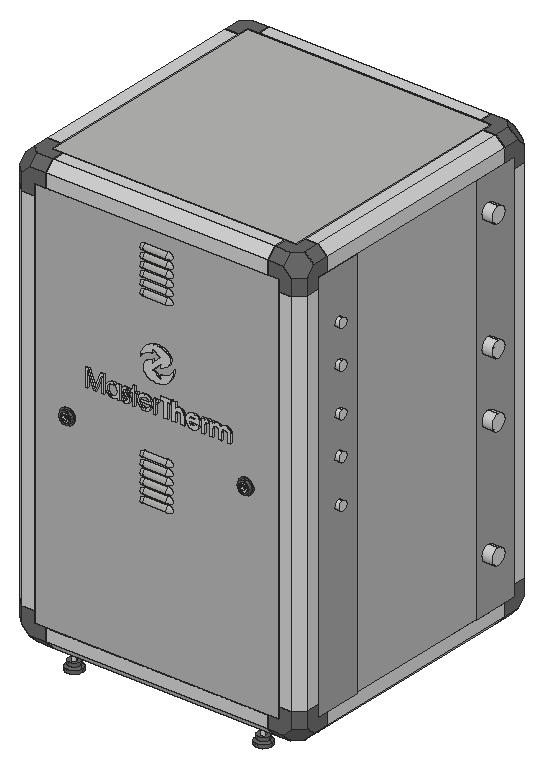
Revit family "AquaMaster-Inverter_ENG-RFA-2022_v2", category Mechanické zařízení, Revit 2022
Family settings
  Kóta kulaté spojky = Použít průměr
  Typ dílu = Normální
  Číslo OmniClass = 23.75.00.00
  Nadpis OmniClass = Climate Control (HVAC)
  Založené na pracovní rovině = Ne
  Vždy vertikální = Ano
  Ořezat dutým tvarem při načtení = Ne
  Zachovat orientaci poznámky = Ne
  Sdílené = Ne
  Bod výpočtu místnosti = Ne
Parameters (values of type "AQ17I")
  Výrobce = "Master Therm"  # constant formula
  Výchozí výška = 0.00 mm
  URL = "https://www.mastertherm.eu/aquamaster-inverter-heat-pump"
  Popis = "Ground-to-water heat pump"  # constant formula
  Model = if(MT_TYPE = 17, "AquaMaster Inverter 17I", if(MT_TYPE = 22, "AquaMaster Inverter 22I", if(MT_TYPE = 26, "AquaMaster Inverter 26I", if(MT_TYPE = 30, "AquaMaster Inverter 30I", if(MT_TYPE = 37, "AquaMaster Inverter 37I", if(MT_TYPE = 45, "AquaMaster Inverter 45I", if(MT_TYPE = 60, "AquaMaster Inverter 60I", "AquaMaster Inverter 90I")))))))  # "AquaMaster Inverter 17I"
  MT_voltage (V) = if(MT_TYPE < 37, 230 V, 400 V)  # 230 V
  MT_service space_YES [instance] = no
  MT_pipe mat = MT_angle-corner
  MT_pipe connector mat = MT_RGB-130-130-130
  MT_max. current, incl. aux. heater (A) = if(or(MT_TYPE = 17, MT_TYPE = 22), 16 A, if(MT_TYPE = 26, 20 A, if(MT_TYPE = 30, 25 A, if(MT_TYPE = 37, 22 A, if(MT_TYPE = 45, 28 A, if(MT_TYPE = 60, 35 A, 50 A))))))  # 16 A
  MT_hmotnost (kg) = if(MT_TYPE = 17, 60, if(MT_TYPE = 22, 160, if(MT_TYPE = 26, 160, if(MT_TYPE = 30, 160, if(MT_TYPE = 37, 165, if(MT_TYPE = 45, 170, if(MT_TYPE = 60, 190, 210)))))))  # 60
  MT_ground height = 30.00 mm  # constant formula
  MT_frequency (Hz) = 50 Hz  # constant formula
  MT_desuperheater – inlet [instance] = 0.0 L/s
  MT_desuperheater – outlet [instance] = 0.0 L/s
  MT_clearance top = MT_case height + 600.00 mm  # 1400.00 mm
  MT_clearance right = if(MT_case height = 800.00 mm, 600.00 mm, 400.00 mm)  # 600.00 mm
  MT_clearance left = if(MT_case height = 800.00 mm, 200.00 mm, 400.00 mm)  # 200.00 mm
  MT_clearance front = 600.00 mm  # constant formula
  MT_clearance back = 200.00 mm  # constant formula
  MT_apparent power = 0 VA  # constant formula
  MT_active power = 0 W  # constant formula
  MT_hot water – inlet [instance] = 0.0 L/s
  MT_upper vent grille offset_H = if(MT_case height = 1200.00 mm, 175.00 mm, 30.00 mm + MT_case width / 2)  # 293.00 mm
  MT_vent grille_YES = MT_TYPE < 90  # yes
  MT_upper vent grille offset_V = if(MT_case height = 1200.00 mm, 200.00 mm, 150.00 mm)  # 150.00 mm
  MT_brine – inlet [instance] = 0.0 L/s
  MT_hot water – outlet [instance] = 0.0 L/s
  MT_power switch_YES = MT_TYPE > 17  # no
  MT_pipe connector_X = if(MT_case height = 1200.00 mm, MT_case width - 2.00 mm * 40, MT_case height - 2.00 mm * 40)  # 720.00 mm
  MT_pipe connector offset = if(MT_case height = 1200.00 mm, MT_case width - 40.00 mm, MT_case height - 40.00 mm)  # 760.00 mm
  MT_pipe connector_Y = if(MT_case height = 1200.00 mm, 120.00 mm, 85.00 mm)  # 85.00 mm
  MT_pipe connector angle = if(MT_case height = 1200.00 mm, 0.00°, 90.00°)  # 90.00°
  MT_pivot offset = if(MT_case height = 1200.00 mm, 0.00 mm, MT_case width)  # 526.00 mm
  MT_lower vent grille_YES = MT_TYPE = 17  # yes
  MT_lock offset_V = if(MT_case height = 1200.00 mm, 300.00 mm, 400.00 mm)  # 400.00 mm
  MT_desuperheater_YES = MT_TYPE = 90  # no
  MT_desuperheater offset_X = MT_pipe connector_X / 2  # 360.00 mm
  MT_desuperheater diameter = if(MT_TYPE = 90, 15.00 mm, 0.00 mm)  # 0.00 mm
  MT_cover top_Y = MT_cover side_X  # 446.00 mm
  MT_cover top_X = MT_cover front_X  # 446.00 mm
  MT_cover side_Y = MT_cover front_Y  # 720.00 mm
  MT_cover side_X = MT_case depth - 2.00 mm * 40  # 446.00 mm
  MT_cover front_Y = MT_case height - 2.00 mm * 40  # 720.00 mm
  MT_cover front_X = MT_case width - 2.00 mm * 40  # 446.00 mm
  MT_upper center lock_YES = MT_TYPE > 17  # no
  MT_case width = if(MT_TYPE < 90, 526.00 mm, 716.00 mm)  # 526.00 mm
  MT_case mat = MT_RAL9006
  MT_case height = if(MT_TYPE > 17, 1200.00 mm, 800.00 mm)  # 800.00 mm
  MT_case depth = if(MT_TYPE > 17, 716.00 mm, 526.00 mm)  # 526.00 mm
  MT_angle offset = 60.00 mm  # constant formula
  MT_angle length_Z = MT_case height - 2 * MT_angle offset  # 680.00 mm
  MT_angle length_Y = MT_case depth - 2 * MT_angle offset  # 406.00 mm
  MT_angle length_X = MT_case width - 2 * MT_angle offset  # 406.00 mm
  MT_brine – outlet [instance] = 0.0 L/s
  MT_TYPE = 17
  MT_EO offset_X = if(MT_case height = 800.00 mm, 100.00 mm, if(MT_case width = 716.00 mm, 393.00 mm, 273.00 mm))  # 100.00 mm
  MT_EO diameter = if(MT_TYPE < 45, 28.00 mm, 35.00 mm)  # 28.00 mm
  MT_EI offset_X = if(MT_case height = 800.00 mm, 320.00 mm, if(MT_case width = 716.00 mm, 543.00 mm, 373.00 mm))  # 320.00 mm
  MT_EI diameter = if(MT_TYPE < 45, 28.00 mm, 35.00 mm)  # 28.00 mm
  MT_EC6 offset_Y = MT_EC3 offset_Y  # 403.00 mm
  MT_EC6 offset_X = if(MT_case width = 716.00 mm, 608.00 mm, 421.00 mm)  # 421.00 mm
  MT_EC6_YES = MT_TYPE > 17  # no
  MT_EC5 offset_Y = MT_EC2 offset_Y  # 403.00 mm
  MT_EC5 offset_X = if(MT_case height = 800.00 mm, 630.00 mm, if(MT_case width = 716.00 mm, 608.00 mm, 421.00 mm))  # 630.00 mm
  MT_EC4 offset_Y = MT_EC1 offset_Y  # 403.00 mm
  MT_EC4 offset_X = if(MT_case height = 800.00 mm, 560.00 mm, if(MT_case width = 716.00 mm, 608.00 mm, 421.00 mm))  # 560.00 mm
  MT_EC3 offset_Y = if(MT_case height = 1200.00 mm, 30.00 mm, 403.00 mm)  # 403.00 mm
  MT_EC3 offset_X = if(MT_case height = 1200.00 mm, 25.00 mm, 480.00 mm)  # 480.00 mm
  MT_EC2 offset_Y = if(MT_case height = 1200.00 mm, 60.00 mm, 403.00 mm)  # 403.00 mm
  MT_EC2 offset_X = if(MT_case height = 1200.00 mm, 25.00 mm, 410.00 mm)  # 410.00 mm
  MT_EC1 offset_Y = if(MT_case height = 1200.00 mm, 90.00 mm, 403.00 mm)  # 403.00 mm
  MT_EC1 offset_X = if(MT_case height = 1200.00 mm, 25.00 mm, 330.00 mm)  # 330.00 mm
  MT_EC-AQ90I_YES = MT_TYPE = 90  # no
  MT_EC AQ17I_YES = MT_TYPE = 17  # yes
  MT_CosPhi = 0  # constant formula
  MT_CO offset_X = if(MT_case height = 800.00 mm, 660.00 mm, if(MT_case width = 716.00 mm, 243.00 mm, 173.00 mm))  # 660.00 mm
  MT_CO diameter = if(MT_TYPE < 90, 28.00 mm, 35.00 mm)  # 28.00 mm
  MT_CI offset_X = if(MT_case height = 800.00 mm, 440.00 mm, if(MT_case width = 716.00 mm, 93.00 mm, 73.00 mm))  # 440.00 mm
  MT_CI diameter = if(MT_TYPE < 90, 28.00 mm, 35.00 mm)  # 28.00 mm
  Komentáře k typům = "COMPRESSOR: BLDC Inverter; 15 – 65 rps; charge of POE oil – 0.9 l; max. op. current – 16 A; EVAPORATOR: PHE; AISI316; water flow (W/W) – 0.38 kg/s; min. flow – 0.28 kg/s; brine flow (B/W) – 0.19 kg/s; min. flow – 0.11 kg/s; temp. difference – 3 K; int. volume – 2.0 l; pump ext. head – 7.0 m; pump motor – 70 W; CONDENSER: PHE; AISI316; water flow – 0.14 kg/s; min. flow – 0.09 kg/s; temp. difference – 5 K; int. volume – 4.1 l; pump ext. head – 7.0 m; pump motor – 70 W; REFRIGERANT CIRCUIT: R410a (0.75 kg); AUX. HEATER (optional): not available; CONTROLS: controller – uPC; EEV – yes; water probe – yes; SHW probe/output – no; mixing probe/output – yes; outdoor probe – yes; dynamic set point – yes; refrigerant probe – 2xPT; POWER SUPPLY: 1x230 V; 50 Hz; max. current – 16 A; max. current, incl. aux. heater – – A; DIMENSIONS: hot water, brine – 1\", 1\" (OD); 82x53x53 cm; 60 kg; LIMITS: max. water overpress. – 0.25 MPa; max. refr. overpress. – 4.2 MPa; brine min./max.: -5/+20 °C; water min./max.: 20/60 °C"
  El. connection = if(MT_TYPE < 90, "2xPG16; 4xPG13.5", "2xPG21; 2xPG16; 4xPG13.5")  # "2xPG16; 4xPG13.5"
  EO_brine – outlet = if(MT_TYPE < 45, "1'' (OD)", "5/4'' (OD)")  # "1'' (OD)"
  EI_brine – inlet = if(MT_TYPE < 45, "1'' (OD)", "5/4'' (OD)")  # "1'' (OD)"
  Desuperheater – inlet/outlet = if(MT_TYPE < 90, "not available", "2xCu Ø15 mm (ID)")  # "not available"
  Cena = 0
  CO_hot water – outlet = if(MT_TYPE < 90, "1'' (OD)", "5/4'' (OD)")  # "1'' (OD)"
  COPYRIGHT = "© Master Therm tepelná čerpadla s. r. o."  # constant formula
  CI_hot water – inlet = if(MT_TYPE < 90, "1'' (OD)", "5/4'' (OD)")  # "1'' (OD)"
Reference planes
  plane 1 "Střed (vpředu/vzadu)": y = 0
  plane 2: z = 0
  plane 3 "Střed (vlevo/vpravo)": x = 0
  plane 4 "side_cover": x = 263
  plane 5: x = -263
  plane 6 "front_cover": y = -263
  plane 7: y = 263
  plane 8: z = 830
  plane 9: z = 90
  plane 10: z = 770
  plane 11: x = -203
  plane 12: x = 203
  plane 13: y = -203
  plane 14: y = 203
  plane 15: z = 430
  plane 16 "MT_pivot point": x = 263
  plane 17 "MT_case bottom": z = 30
Forms (mm)
  Extrusion 1, solid, material "MT_RAL9006" <- "MT_case mat"
    sketch origin (0, 0, 0) x (1, 0, 0) y (0, 1, 0)
      loop
        line (-223, 223) -> (-223, -223) -> (223, -223) -> (223, 223) -> (-223, 223)
    from 30 to 830
  Extrusion 2, solid, material "MT_RAL9006" <- "MT_case mat"
    sketch origin (0, -263, 0) x (-1, 0, 0) y (0, 0, 1)
      loop
        line (223, 790) -> (-223, 790) -> (-223, 70) -> (223, 70) -> (223, 790)
    from 0 to 526 <- "MT_case depth"
  Extrusion 3, solid, material "MT_RAL9006" <- "MT_case mat"
    sketch origin (-263, 660.254, 1200) x (0, 1, 0) y (0, 0, 1)
      loop
        line (-883.254, -410) -> (-883.254, -1130) -> (-437.254, -1130) -> (-437.254, -410) -> (-883.254, -410)
    from 0 to 526 <- "MT_case width"
Lines and regions (mm)
  reference lines
    curve 1: line (263, 318, 830) -> (1603, 318, 830)
    curve 2: line (263, 318, 830) -> (263, 318, -1230)
    curve 3: line (-463, 463, 0) -> (863, 463, 0)
    curve 4: line (-463, -863, 0) -> (-463, 463, 0)
    curve 5: line (863, -863, 0) -> (-463, -863, 0)
    curve 6: line (863, 463, 0) -> (863, -863, 0)
    curve 7: line (-463, 463, 0) -> (-463, 463, 1400)
    curve 8: line (-463, 463, 1400) -> (863, 463, 1400)
    curve 9: line (863, 463, 0) -> (863, 463, 1400)
    curve 10: line (863, 463, 0) -> (863, 463, 1400)
    curve 11: line (863, 463, 1400) -> (863, -863, 1400)
    curve 12: line (863, -863, 0) -> (863, -863, 1400)
    curve 13: line (-463, 463, 1400) -> (-463, -863, 1400)
    curve 14: line (-463, -863, 0) -> (-463, -863, 1400)
    curve 15: line (-463, -863, 1400) -> (863, -863, 1400)
  model lines, style "MT_service space", visible <- "MT_service space_YES"
    curve 16: line (-463, -863, 1400) -> (863, -863, 1400)
    curve 17: line (-463, 463, 1400) -> (-463, -863, 1400)
    curve 18: line (-463, 463, 1400) -> (863, 463, 1400)
    curve 19: line (863, 463, 1400) -> (863, -863, 1400)
    curve 20: line (863, 463, 0) -> (863, -863, 0)
    curve 21: line (-463, 463, 0) -> (863, 463, 0)
    curve 22: line (863, -863, 0) -> (-463, -863, 0)
    curve 23: line (-463, -863, 0) -> (-463, 463, 0)
    curve 24: line (-463, -863, 0) -> (-463, -863, 1400)
    curve 25: line (-463, 463, 0) -> (-463, 463, 1400)
    curve 26: line (863, -863, 0) -> (863, -863, 1400)
    curve 27: line (863, 463, 0) -> (863, 463, 1400)
Dimensions and locks
  equal spacing: plane 5, plane 3 "Střed (vlevo/vpravo)", plane 4 "side_cover"
  "MT_case width": plane 5 to plane 4 "side_cover"
  equal spacing: plane 7, plane 1 "Střed (vpředu/vzadu)", plane 6 "front_cover"
  "MT_case depth": plane 7 to plane 6 "front_cover"
  "MT_case height": plane 8 to plane 17 "MT_case bottom"
  "MT_angle offset": plane 9 to plane 17 "MT_case bottom"
  "MT_angle offset": plane 8 to plane 10
  "MT_angle offset": plane 11 to plane 5
  "MT_angle offset": plane 4 "side_cover" to plane 12
  "MT_angle offset": plane 13 to plane 6 "front_cover"
  "MT_angle offset": plane 7 to plane 14
  equal spacing: Extrusion 1 sketch curve, plane 3 "Střed (vlevo/vpravo)", Extrusion 1 sketch curve
  "MT_cover top_X": Extrusion 1 sketch curve to Extrusion 1 sketch curve
  equal spacing: nested 17, plane 1 "Střed (vpředu/vzadu)", Extrusion 1 sketch curve
  "MT_cover top_Y": nested 17 to Extrusion 1 sketch curve
  equal spacing: Extrusion 2 sketch curve, plane 3 "Střed (vlevo/vpravo)", Extrusion 2 sketch curve
  "MT_cover front_X": Extrusion 2 sketch curve to Extrusion 2 sketch curve
  equal spacing: plane 8, plane 15, plane 17 "MT_case bottom"
  equal spacing: Extrusion 2 sketch curve, plane 15, Extrusion 2 sketch curve
  "MT_cover front_Y": Extrusion 2 sketch curve to Extrusion 2 sketch curve
  equal spacing: Extrusion 3 sketch curve, plane 15, Extrusion 3 sketch curve
  "MT_cover side_Y": Extrusion 3 sketch curve to Extrusion 3 sketch curve
  "MT_cover side_X": Extrusion 3 sketch curve to Extrusion 3 sketch curve
  equal spacing: Extrusion 3 sketch curve, plane 1 "Střed (vpředu/vzadu)", Extrusion 3 sketch curve
  locked: plane 8 to nested 24 at 100
  "MT_lock offset_V": nested 25 to plane 17 "MT_case bottom"
  locked: nested 25 to plane 5 at 100
  locked: plane 4 "side_cover" to nested 26 at 100
  "MT_lock offset_V": nested 26 to plane 17 "MT_case bottom"
  locked: nested 21 to plane 8 at 340
  "MT_upper vent grille offset_V": nested 22 to plane 8
  locked: nested 23 to plane 8 at 175
  "MT_upper vent grille offset_H": plane 4 "side_cover" to nested 22
  locked: nested 23 to plane 5 at 175
  "MT_pivot offset": plane 16 "MT_pivot point" to plane 5
  curve 1 to plane 8 = 0.00 mm
  "MT_pipe connector offset": nested 28 to curve 2
  "MT_clearance right": plane 4 "side_cover" to curve 6
  "MT_clearance left": curve 4 to plane 5
  "MT_clearance back": plane 7 to curve 3
  "MT_clearance front": plane 6 "front_cover" to curve 5
  "MT_clearance top": curve 15 to plane 2
  "MT_ground height": plane 17 "MT_case bottom" to plane 2
  locked: plane 6 "front_cover" to nested 29 at 28
  locked: plane 5 to nested 29 at 90
  locked: plane 5 to nested 31 at 90
  locked: nested 31 to plane 7 at 28
  locked: nested 30 to plane 4 "side_cover" at 90
  locked: nested 30 to plane 6 "front_cover" at 28
  locked: nested 32 to plane 7 at 28
  locked: nested 32 to plane 4 "side_cover" at 90
  "MT_pipe connector angle": angle curve 2 to curve 1
  aligned and locked: level to plane 2
  aligned and locked: plane 7 to nested 2
  aligned and locked: plane 5 to nested 2
  aligned and locked: plane 6 "front_cover" to nested 3
  aligned and locked: nested 3 to plane 5
  aligned and locked: nested 4 to plane 4 "side_cover"
  aligned and locked: nested 4 to plane 6 "front_cover"
  aligned and locked: plane 4 "side_cover" to nested 5
  aligned and locked: nested 5 to plane 7
  aligned and locked: plane 6 "front_cover" to nested 1
  aligned and locked: nested 1 to plane 5
  aligned and locked: nested 6 to plane 6 "front_cover"
  aligned and locked: nested 6 to plane 4 "side_cover"
  aligned and locked: nested 7 to plane 7
  aligned and locked: plane 4 "side_cover" to nested 7
  aligned and locked: plane 5 to nested 8
  aligned and locked: plane 7 to nested 8
  aligned and locked: plane 8 to nested 6
  aligned and locked: plane 8 to nested 7
  aligned and locked: plane 8 to nested 1
  aligned and locked: plane 8 to nested 8
  aligned and locked: nested 3 to plane 9
  aligned and locked: nested 2 to plane 9
  aligned and locked: nested 4 to plane 9
  aligned and locked: nested 5 to plane 9
  aligned and locked: nested 13 to plane 11
  aligned and locked: nested 14 to plane 11
  aligned and locked: plane 8 to nested 14
  aligned and locked: nested 13 to plane 6 "front_cover"
  aligned and locked: plane 6 "front_cover" to nested 14
  aligned and locked: nested 15 to plane 13
  aligned and locked: nested 15 to plane 4 "side_cover"
  aligned and locked: plane 4 "side_cover" to nested 16
  aligned and locked: nested 16 to plane 13
  aligned and locked: plane 11 to nested 18
  aligned and locked: plane 7 to nested 18
  aligned and locked: plane 11 to nested 17
  aligned and locked: nested 17 to plane 7
  aligned and locked: nested 18 to plane 8
  aligned and locked: plane 13 to nested 20
  aligned and locked: plane 13 to nested 19
  aligned and locked: nested 19 to plane 5
  aligned and locked: plane 5 to nested 20
  aligned and locked: nested 19 to plane 8
  aligned and locked: nested 9 to plane 6 "front_cover"
  aligned and locked: plane 6 "front_cover" to nested 10
  aligned and locked: nested 12 to plane 7
  aligned and locked: nested 11 to plane 7
  aligned and locked: plane 5 to nested 11
  aligned and locked: plane 5 to nested 9
  aligned and locked: nested 12 to plane 4 "side_cover"
  aligned and locked: nested 10 to plane 4 "side_cover"
  aligned and locked: plane 8 to nested 15
  aligned and locked: plane 3 "Střed (vlevo/vpravo)" to nested 21
  aligned and locked: plane 16 "MT_pivot point" to curve 1
  aligned and locked: curve 2 to nested 28
  aligned and locked: curve 8 to curve 15
  aligned and locked: curve 13 to curve 15
  aligned and locked: curve 11 to curve 15
  aligned and locked: curve 16 to curve 15
  aligned and locked: curve 17 to curve 13
  aligned and locked: curve 18 to curve 8
  aligned and locked: curve 19 to curve 11
  aligned and locked: curve 20 to curve 6
  aligned and locked: curve 21 to curve 3
  aligned and locked: curve 22 to curve 5
  aligned and locked: curve 23 to curve 4
  aligned and locked: curve 24 to curve 14
  aligned and locked: curve 25 to curve 7
  aligned and locked: curve 26 to curve 12
  aligned and locked: curve 27 to curve 10
  aligned and locked: plane 17 "MT_case bottom" to nested 13
  aligned and locked: nested 17 to plane 17 "MT_case bottom"
  aligned and locked: plane 17 "MT_case bottom" to nested 9
  aligned and locked: plane 17 "MT_case bottom" to nested 11
  aligned and locked: Extrusion 1 to plane 17 "MT_case bottom"
  aligned and locked: nested 20 to plane 17 "MT_case bottom"
  aligned and locked: plane 17 "MT_case bottom" to nested 10
  aligned and locked: plane 17 "MT_case bottom" to nested 16
  aligned and locked: plane 17 "MT_case bottom" to nested 12
  aligned and locked: plane 8 to Extrusion 1
  aligned and locked: Extrusion 1 to nested 28
Automatic sketch dimensions
  curve 13 to curve 4 = 0.00 mm  (x2)
  curve 14 to curve 4 = 0.00 mm
  curve 10 to curve 6 = 0.00 mm  (x2)
  curve 6 to curve 12 = 0.00 mm
  curve 12 to curve 6 = 0.00 mm
  curve 7 to curve 3 = 0.00 mm  (x2)
  curve 9 to curve 3 = 0.00 mm  (x2)
  curve 24 to curve 14 = 0.00 mm  (x2)
  curve 14 to curve 25 = 0.00 mm  (x2)
  curve 26 to curve 12 = 0.00 mm  (x2)
  curve 27 to curve 12 = 0.00 mm  (x2)
  plane 14 to Extrusion 1 sketch curve = 20.00 mm
  curve 5 to curve 15 = 0.00 mm  (x2)
Nested families
  nested 1: "MT_corner-cap" at (-203, -263, 770) x (0, 1, 0) z (0, 0, 1), type "MT_corner-cap"
  nested 2: "MT_angle-cover" at (-263, 223, 90), MT_angle_lenght <- "MT_angle length_Z", type "MT_angle-cover"
    with MT_angle_lenght 680.00 mm
  nested 3: "MT_angle-cover" at (-223, -263, 90) x (0, 1, 0) z (0, 0, 1), MT_angle_lenght <- "MT_angle length_Z", type "MT_angle-cover"
    with MT_angle_lenght 680.00 mm
  nested 4: "MT_angle-cover" at (263, -223, 90) x (-1, 0, 0) z (0, 0, 1), MT_angle_lenght <- "MT_angle length_Z", type "MT_angle-cover"
    with MT_angle_lenght 680.00 mm
  nested 5: "MT_angle-cover" at (223, 263, 90) x (0, -1, 0) z (0, 0, 1), MT_angle_lenght <- "MT_angle length_Z", type "MT_angle-cover"
    with MT_angle_lenght 680.00 mm
  nested 6: "MT_corner-cap" at (263, -203, 770) x (-1, 0, 0) z (0, 0, 1), type "MT_corner-cap"
  nested 7: "MT_corner-cap" at (203, 263, 770) x (0, -1, 0) z (0, 0, 1), type "MT_corner-cap"
  nested 8: "MT_corner-cap" at (-263, 203, 770), type "MT_corner-cap"
  nested 9: "MT_corner-cap" at (-203, -263, 90) x (0, 1, 0) z (0, 0, -1), type "MT_corner-cap"
  nested 10: "MT_corner-cap" at (263, -203, 90) x (-1, 0, 0) z (0, 0, -1), type "MT_corner-cap"
  nested 11: "MT_corner-cap" at (-263, 203, 90) x (1, 0, 0) z (0, 0, -1), type "MT_corner-cap"
  nested 12: "MT_corner-cap" at (203, 263, 90) x (0, -1, 0) z (0, 0, -1), type "MT_corner-cap"
  nested 13: "MT_angle-cover" at (-203, -223, 30) x (0, 0, 1) z (1, 0, 0), MT_angle_lenght <- "MT_angle length_X", type "MT_angle-cover"
    with MT_angle_lenght 406.00 mm
  nested 14: "MT_angle-cover" at (-203, -263, 790) x (0, 1, 0) z (1, 0, 0), MT_angle_lenght <- "MT_angle length_X", type "MT_angle-cover"
    with MT_angle_lenght 406.00 mm
  nested 15: "MT_angle-cover" at (263, -203, 790) x (-1, 0, 0) z (0, 1, 0), MT_angle_lenght <- "MT_angle length_Y", type "MT_angle-cover"
    with MT_angle_lenght 406.00 mm
  nested 16: "MT_angle-cover" at (223, -203, 30) x (0, 0, 1) z (0, 1, 0), MT_angle_lenght <- "MT_angle length_Y", type "MT_angle-cover"
    with MT_angle_lenght 406.00 mm
  nested 17: "MT_angle-cover" at (-203, 223, 30) x (0, 0, 1) z (1, 0, 0), MT_angle_lenght <- "MT_angle length_X", type "MT_angle-cover"
    with MT_angle_lenght 406.00 mm
  nested 18: "MT_angle-cover" at (-203, 263, 790) x (0, -1, 0) z (1, 0, 0), MT_angle_lenght <- "MT_angle length_X", type "MT_angle-cover"
    with MT_angle_lenght 406.00 mm
  nested 19: "MT_angle-cover" at (-263, -203, 790) x (1, 0, 0) z (0, 1, 0), MT_angle_lenght <- "MT_angle length_Y", type "MT_angle-cover"
    with MT_angle_lenght 406.00 mm
  nested 20: "MT_angle-cover" at (-223, -203, 30) x (0, 0, 1) z (0, 1, 0), MT_angle_lenght <- "MT_angle length_Y", type "MT_angle-cover"
    with MT_angle_lenght 406.00 mm
  nested 21: "MT_logo" at (-127.744, -263, 490) x (1, 0, 0) z (0, -1, 0), type "MT_logo"
  nested 22: "MT_vent-grille" at (-30, -263, 680) x (1, 0, 0) z (0, -1, 0), visible <- "MT_vent grille_YES", type "MT_vent-grille"
  nested 23: "MT_power-switch" at (-148, -263, 655) x (1, 0, 0) z (0, -1, 0), visible <- "MT_power switch_YES", type "MT_power-switch"
  nested 24: "MT_case-lock" at (0, -263, 730) x (1, 0, 0) z (0, -1, 0), visible <- "MT_upper center lock_YES", type "MT_case-lock"
  nested 25: "MT_case-lock" at (-163, -263, 430) x (1, 0, 0) z (0, -1, 0), type "MT_case-lock"
  nested 26: "MT_case-lock" at (163, -263, 430) x (-1, 0, 0) z (0, -1, 0), type "MT_case-lock"
  nested 27: "MT_vent-grille" at (-30, -263, 340) x (1, 0, 0) z (0, -1, 0), visible <- "MT_lower vent grille_YES", type "MT_vent-grille"
  nested 28: "MT_pipe connector" at (263, 223, 790) x (0, 0, -1) z (1, 0, 0), type "MT_pipe connector"
    with MT_pipe connector_X2 720.00 mm, MT_pipe connector_Y2 85.00 mm, MT_electric connector_YES2 yes, MT_desuperheater_YES no, MT_desuperheater offset_X2 360.00 mm, MT_EO offset_X2 100.00 mm, MT_EO diameter 28.00 mm, MT_EC6_YES2 no, MT_EC6_Y2 403.00 mm, MT_EC6_X2 421.00 mm, MT_EC5_Y2 403.00 mm, MT_EC5_X2 630.00 mm, MT_EC4_Y2 403.00 mm, MT_EC4_X2 560.00 mm, MT_EC3_Y2 403.00 mm, MT_EC3_X2 480.00 mm, MT_EC2_Y2 403.00 mm, MT_EC2_X2 410.00 mm, MT_EC1_Y2 403.00 mm, MT_EI offset_X2 320.00 mm, MT_EI diameter 28.00 mm, MT_EC1_X2 330.00 mm, MT_EC-AQ90I_YES no, MT_CO offset_X2 660.00 mm, MT_CO diameter 28.00 mm, MT_CI offset_X2 440.00 mm, MT_CI diameter 28.00 mm
  nested 29: "MT_adj feet" at (-173, -235, 0), type "MT_adj feet"
  nested 30: "MT_adj feet" at (173, -235, 0), type "MT_adj feet"
  nested 31: "MT_adj feet" at (-173, 235, 0), type "MT_adj feet"
  nested 32: "MT_adj feet" at (173, 235, 0), type "MT_adj feet"
Connectors
  piping at (284, 163, 510), diameter 28, driven by "MT_CI diameter", driven by "MT_hot water – inlet", driven by "CI_hot water – inlet"
    settings: on nested 28, index 1, connector inside diameter 609.60 mm, connector length 0.00 mm, flow factor 1, pipe flow 0.0 L/s, pressure drop 0.0 Pa, fitting loss kfactor 0, connector angle 0.00°, fixture units 0, engagement length 0.00 mm, angle of deflection 0.00°, flow configuration 2, flow direction 1, fitting loss method 0, system type 29, joint type 0, gender type 0, connector reference index -1, connector utility 0, adjustable connector no, is connector primary yes, connector description "1'' (OD)"
  piping at (284, 163, 730), diameter 28, driven by "MT_CO diameter", driven by "MT_hot water – outlet", driven by "CO_hot water – outlet"
    settings: on nested 28, index 2, connector inside diameter 609.60 mm, connector length 0.00 mm, flow factor 1, pipe flow 0.0 L/s, pressure drop 0.0 Pa, fitting loss kfactor 0, connector angle 0.00°, fixture units 0, engagement length 0.00 mm, angle of deflection 0.00°, flow configuration 2, flow direction 2, fitting loss method 0, system type 29, joint type 0, gender type 0, connector reference index -1, connector utility 0, adjustable connector no, is connector primary no, connector description "1'' (OD)"
  piping at (273, 188, 430), driven by "MT_desuperheater diameter", driven by "MT_desuperheater – outlet", driven by "Desuperheater – inlet/outlet"
    settings: on nested 28, index 3, connector diameter 0.00 mm, connector inside diameter 609.60 mm, connector length 0.00 mm, flow factor 1, pipe flow 0.0 L/s, pressure drop 0.0 Pa, fitting loss kfactor 0, connector angle 0.00°, fixture units 0, engagement length 0.00 mm, angle of deflection 0.00°, flow configuration 2, flow direction 2, fitting loss method 0, system type 29, joint type 0, gender type 0, connector reference index -1, connector utility 0, adjustable connector no, is connector primary no, connector description "not available"
  piping at (273, 138, 430), driven by "MT_desuperheater diameter", driven by "MT_desuperheater – inlet", driven by "Desuperheater – inlet/outlet"
    settings: on nested 28, index 4, connector diameter 0.00 mm, connector inside diameter 609.60 mm, connector length 0.00 mm, flow factor 1, pipe flow 0.0 L/s, pressure drop 0.0 Pa, fitting loss kfactor 0, connector angle 0.00°, fixture units 0, engagement length 0.00 mm, angle of deflection 0.00°, flow configuration 2, flow direction 1, fitting loss method 0, system type 29, joint type 0, gender type 0, connector reference index -1, connector utility 0, adjustable connector no, is connector primary no, connector description "not available"
  piping at (284, 163, 170), diameter 28, driven by "MT_EO diameter", driven by "MT_brine – outlet", driven by "EO_brine – outlet"
    settings: on nested 28, index 5, connector inside diameter 609.60 mm, connector length 0.00 mm, flow factor 0, pipe flow 0.0 L/s, pressure drop 0.0 Pa, fitting loss kfactor 0, connector angle 0.00°, fixture units 0, engagement length 0.00 mm, angle of deflection 0.00°, flow configuration 1, flow direction 2, fitting loss method 0, system type 29, joint type 0, gender type 0, connector reference index -1, connector utility 0, adjustable connector no, is connector primary no, connector description "1'' (OD)"
  piping at (284, 163, 390), diameter 28, driven by "MT_EI diameter", driven by "MT_brine – inlet", driven by "EI_brine – inlet"
    settings: on nested 28, index 6, connector inside diameter 609.60 mm, connector length 0.00 mm, flow factor 0, pipe flow 0.0 L/s, pressure drop 0.0 Pa, fitting loss kfactor 0, connector angle 0.00°, fixture units 0, engagement length 0.00 mm, angle of deflection 0.00°, flow configuration 1, flow direction 1, fitting loss method 0, system type 29, joint type 0, gender type 0, connector reference index -1, connector utility 0, adjustable connector no, is connector primary no, connector description "1'' (OD)"
  electrical at (274, -180, 400), driven by "MT_voltage (V)", driven by "MT_apparent power", driven by "MT_CosPhi", driven by "El. connection"
    settings: on nested 28, index 7, voltage 230 V, apparent load 0 VA, apparent load phase1 0 VA, apparent load phase2 0 VA, apparent load phase3 0 VA, power factor 0, load classification "Další", number of poles 1, system type 30, power factor state 1, is connector primary yes, connector utility no, sub classification motor no, connector description "2xPG16; 4xPG13.5"
Definition of nested family "MT_corner-cap"
  Parameters (values of type "MT_corner-cap")
    Default Elevation = 0.00 mm
    MT_corner-cap = none
  Reference planes
    plane 1 "Střed (vpředu/vzadu)": y = 0
    plane 2: z = 0
    plane 3 "Střed (vlevo/vpravo)": x = 0
    plane 4: y = 44
    plane 5: x = 16
    plane 6 "cp1": through (-50.749, 80.749, 1200) normal (0.7071, 0.7071, 0)
    plane 7: through (30, 44, 1200) normal (0.7071, -0.7071, 0)
  Forms (mm)
    Extrusion 1, solid, material <- "MT_corner-cap"
      sketch origin (0, 0, 0) x (1, 0, 0) y (0, 1, 0)
        loop
          line (60, 60) -> (0, 60) -> (0, 0) -> (60, 0) -> (60, 60)
      from 0 to 60
    Extrusion 2, void
      sketch origin (0, 0, 0) x (1, 0, 0) y (0, 1, 0)
        loop
          line (40, 20) -> (40, 0) -> (60, 0) -> (60, 20) -> (40, 20)
      from 0 to 60
    Extrusion 3, void
      sketch origin (0, 0, 0) x (1, 0, 0) y (0, 0, 1)
        loop
          line (16, 60) -> (0, 60) -> (0, 44) -> (16, 60)
      from 0 to -60
    Extrusion 4, void
      sketch origin (0, 0, 0) x (0, 1, 0) y (0, 0, 1)
        loop
          line (44, 60) -> (60, 44) -> (60, 60) -> (44, 60)
      from 0 to 60
    Extrusion 5, void
      sketch origin (0, 0, 0) x (1, 0, 0) y (0, 1, 0)
        loop
          line (16, 60) -> (0, 60) -> (0, 44) -> (16, 60)
      from 0 to 60
    Extrusion 6, void
      sketch origin (0, 0, 0) x (0, 1, 0) y (0, 0, 1)
        loop
          line (0, 0) -> (20, 0) -> (20, 20) -> (0, 20) -> (0, 0)
      from 0 to 60
    Extrusion 7, void
      sketch origin (0, 0, 0) x (1, 0, 0) y (0, 0, 1)
        loop
          line (60, 0) -> (60, 20) -> (40, 20) -> (40, 0) -> (60, 0)
      from 0 to -60
    Extrusion 8, void
      sketch origin (15, 15, 0) x (-0.707107, 0.707107, 0) y (0, 0, 1)
        loop
          line (9.899, 60) -> (31.113, 29.704) -> (31.113, 60) -> (9.899, 60)
      from -50 to 60
  Cuts and joins
    Extrusion 2, Extrusion 3, Extrusion 4, Extrusion 5, Extrusion 6, Extrusion 7, Extrusion 8 cuts Extrusion 1
  Dimensions and locks
    aligned and locked: level to plane 2
Definition of nested family "MT_angle-cover"
  Parameters (values of type "MT_angle-cover")
    Default Elevation = 0.00 mm
    MT_angle_lenght [instance] = 500.00 mm
    MT_angle-corner = none
  Reference planes
    plane 1 "Střed (vpředu/vzadu)": y = 0
    plane 2: z = 0
    plane 3 "Střed (vlevo/vpravo)": x = 0
    plane 4: through (2.328, 26.328, 1200) normal (-0.7071, 0.7071, 0)
    plane 5: z = 500
  Forms (mm)
    Extrusion 1, solid, material <- "MT_angle-corner"
      sketch origin (0, 0, 0) x (1, 0, 0) y (0, 1, 0)
        loop
          line (40, 0) -> (40, 40) -> (0, 40) -> (0, 0) -> (40, 0)
      from 0 to 500
    Extrusion 2, void
      sketch origin (0, 0, 0) x (1, 0, 0) y (0, 1, 0)
        loop
          line (16, 40) -> (0, 40) -> (0, 24) -> (16, 40)
      from 0 to 500
  Cuts and joins
    Extrusion 2 cuts Extrusion 1
  Dimensions and locks
    "MT_angle_lenght": plane 5 to plane 2
    aligned and locked: level to plane 2
    aligned and locked: plane 5 to cut or joined group of Extrusion 1, Extrusion 2
    aligned and locked: Extrusion 1 to Extrusion 2
  Automatic sketch dimensions
    plane 1 "Střed (vpředu/vzadu)" to Extrusion 1 sketch curve = 0.00 mm
    Extrusion 1 sketch curve to plane 3 "Střed (vlevo/vpravo)" = 0.00 mm
    plane 3 "Střed (vlevo/vpravo)" to Extrusion 1 sketch curve = 40.00 mm
    Extrusion 1 sketch curve to plane 1 "Střed (vpředu/vzadu)" = 40.00 mm
    Extrusion 2 sketch curve to plane 3 "Střed (vlevo/vpravo)" = 0.00 mm
    Extrusion 2 sketch curve to plane 4 = 0.00 mm  (x2)
    plane 3 "Střed (vlevo/vpravo)" to Extrusion 2 sketch curve = 16.00 mm
Definition of nested family "MT_logo"
  Parameters (values of type "MT_logo")
    Default Elevation = 1219.20 mm
    MT_logo_thickness = 2.00 mm  # constant formula
    MT_logo-mat = none
  Reference planes
    plane 1 "Střed (vpředu/vzadu)": y = 0
    plane 2: z = 0
    plane 3 "Střed (vlevo/vpravo)": x = 0
    plane 4: z = 500
  Forms (mm)
    Extrusion 1, solid, material <- "MT_logo-mat"
      sketch origin (0, 0, 0) x (1, 0, 0) y (0, 1, 0)
        loop
          line (121.917, 83.115) -> (121.917, 89.033)
          spline (121.917, 89.033) -> (110.145, 82.837) -> (105.846, 77.019) -> (105.128, 68.563) -> (108.491, 61.778) -> (115.441, 56.783) -> (123.535, 53.995) -> (131.475, 53.389) -> (140.079, 54.8) -> (147.361, 58.494) -> (153.914, 64.28) -> (158.046, 70.722) -> (161.285, 84.245)
          spline (161.285, 84.245) -> (159.714, 81.035) -> (158.469, 78.973) -> (157.232, 77.31) -> (155.703, 75.688) -> (154.145, 74.345) -> (152.518, 73.263) -> (150.782, 72.272) -> (149.103, 71.471) -> (147.157, 70.679) -> (145.071, 69.992) -> (142.28, 69.29) -> (137.169, 68.49)
          line (137.169, 68.49) -> (137.169, 62.54) -> (122.426, 71.891) -> (137.508, 86.378) -> (137.508, 81.245)
          spline (137.508, 81.245) -> (148.499, 86.345) -> (153.768, 92.083) -> (155.179, 100.068) -> (150.966, 107.004) -> (143.87, 111.829) -> (136.075, 114.436) -> (127.817, 115.037) -> (119.6, 113.109) -> (112.274, 109.305) -> (106.232, 103.604) -> (102.088, 96.604) -> (99.294, 87.5)
          spline (99.294, 87.5) -> (101.565, 90.388) -> (102.94, 91.895) -> (104.349, 93.203) -> (105.825, 94.353) -> (107.436, 95.41) -> (109.18, 96.419) -> (110.713, 97.202) -> (112.43, 97.92) -> (114.46, 98.648) -> (116.41, 99.244) -> (118.729, 99.788) -> (122.07, 100.334)
          line (122.07, 100.334) -> (122.07, 105.76) -> (137.041, 97.426) -> (121.917, 83.115)
        loop
          line (0, 1.019) -> (3.59, 1.019) -> (3.59, 28.94) -> (14.436, 1.019) -> (17.898, 1.019) -> (28.975, 28.825) -> (28.975, 1.019) -> (32.206, 1.019) -> (32.206, 33.78) -> (27.245, 33.78) -> (16.398, 6.228) -> (5.274, 33.78) -> (0, 33.78) -> (0, 1.019)
        loop
          spline (48.751, 23.273) -> (46.388, 22.939) -> (44.186, 21.958) -> (42.296, 20.397) -> (40.845, 18.364) -> (39.933, 15.995) -> (39.622, 13.454) -> (39.933, 10.912) -> (40.845, 8.544) -> (42.296, 6.51) -> (44.186, 4.95) -> (46.388, 3.969) -> (48.751, 3.634)
          spline (48.751, 3.634) -> (51.114, 3.969) -> (53.316, 4.95) -> (55.207, 6.51) -> (56.657, 8.544) -> (57.57, 10.912) -> (57.881, 13.454) -> (57.57, 15.995) -> (56.657, 18.364) -> (55.207, 20.397) -> (53.316, 21.958) -> (51.114, 22.939) -> (48.751, 23.273)
        loop
          line (57.881, 4.324) -> (57.881, 1.019) -> (61.48, 1.019) -> (61.48, 25.889) -> (57.881, 25.889) -> (57.881, 22.583)
          arc (57.881, 22.583) -> (35.84, 13.454) -> (57.881, 4.324) r 12.911
        loop
          line (86.125, 22.492) -> (86.125, 1.019) -> (89.717, 1.019) -> (89.717, 22.492) -> (94.365, 22.492) -> (94.365, 25.974) -> (89.717, 25.974) -> (89.717, 33.78) -> (86.125, 33.78) -> (86.125, 25.974) -> (81.583, 25.974) -> (81.583, 22.492) -> (86.125, 22.492)
        loop
          spline (120.897, 12.309) -> (120.024, 18.831) -> (116.177, 24.119) -> (110.308, 26.865) -> (103.866, 26.393) -> (98.443, 22.817) -> (95.38, 17.023) -> (95.433, 10.441) -> (98.589, 4.698) -> (104.069, 1.214) -> (110.518, 0.85) -> (116.342, 3.694) -> (120.103, 9.046)
          line (120.103, 9.046) -> (115.947, 9.046)
          arc (115.947, 9.046) -> (106.228, 4.674) -> (98.794, 12.309) r 9.292
          line (98.794, 12.309) -> (120.897, 12.309)
        loop
          arc (117.067, 15.67) -> (107.965, 23.094) -> (98.863, 15.67) r 9.292
          line (98.863, 15.67) -> (117.067, 15.67)
        loop
          line (127.532, 23.758) -> (127.532, 25.763) -> (124.152, 25.763) -> (124.152, 1.019) -> (127.744, 1.019) -> (127.744, 17.742)
          arc (127.744, 17.742) -> (129.492, 21.42) -> (133.448, 22.386) r 4.742
          line (133.448, 22.386) -> (133.448, 26.185)
          arc (133.448, 26.185) -> (130.172, 25.746) -> (127.532, 23.758) r 6.521
        loop
          line (142.488, 27.585) -> (142.488, 1.019) -> (149.221, 1.019) -> (149.221, 27.585) -> (155.139, 27.585) -> (155.139, 33.78) -> (136.199, 33.78) -> (136.199, 27.585) -> (142.488, 27.585)
        loop
          line (163.722, 23.699) -> (163.722, 33.78) -> (157.581, 33.78) -> (157.581, 1.019) -> (163.722, 1.019) -> (163.722, 15.196) -> (164.016, 16.209) -> (164.307, 17.043)
          spline (164.307, 17.043) -> (165.574, 19.017) -> (166.288, 19.627) -> (167.046, 19.939) -> (167.922, 20.095) -> (168.858, 20.117) -> (169.737, 20.047) -> (170.514, 19.896) -> (171.213, 19.639) -> (171.861, 19.183) -> (172.492, 18.376) -> (173.129, 16.993) -> (173.784, 14.722)
          line (173.784, 14.722) -> (173.784, 1.019) -> (179.925, 1.019) -> (179.925, 17.901) -> (179.719, 18.903) -> (179.478, 19.785) -> (179.206, 20.559)
          spline (179.206, 20.559) -> (177.54, 23.133) -> (176.649, 24.126) -> (175.805, 24.812) -> (174.74, 25.392) -> (173.552, 25.805) -> (172.356, 26.102) -> (171.177, 26.31) -> (169.954, 26.379) -> (168.782, 26.283) -> (167.632, 25.964) -> (166.13, 25.259) -> (163.722, 23.699)
        loop
          line (201.474, 9.046) -> (208.133, 9.046)
          arc (208.133, 9.046) -> (182.997, 16.783) -> (208.746, 11.428) r 13.164
          line (208.746, 11.428) -> (189.256, 11.428)
          arc (189.256, 11.428) -> (194.561, 6.116) -> (201.474, 9.046) r 6.713
        loop
          arc (218.123, 16.511) -> (220.269, 19.589) -> (223.891, 20.572) r 5.496
          line (223.891, 20.572) -> (223.891, 26.204)
          arc (223.891, 26.204) -> (220.639, 25.706) -> (217.926, 23.846) r 7.389
          line (217.926, 23.846) -> (217.926, 25.877) -> (212.223, 25.877) -> (212.223, 1.019) -> (218.123, 1.019) -> (218.123, 16.511)
        loop
          line (247.851, 22.442) -> (246.299, 24.112) -> (244.867, 25.185) -> (242.957, 26.02) -> (240.37, 26.418) -> (238.261, 26.418) -> (236.152, 26.02) -> (234.401, 25.145) -> (232.689, 23.615) -> (232.689, 26.083) -> (226.986, 26.083) -> (226.986, 1.019) -> (232.748, 1.019) -> (232.748, 14.448) -> (233.34, 17.357)
          spline (233.34, 17.357) -> (234.506, 19.355) -> (235.184, 19.986) -> (235.918, 20.326) -> (236.775, 20.516) -> (237.696, 20.576) -> (238.565, 20.544) -> (239.338, 20.427) -> (240.037, 20.203) -> (240.695, 19.781) -> (241.35, 19.012) -> (242.035, 17.676) -> (242.775, 15.466)
          line (242.775, 15.466) -> (242.86, 14.628) -> (242.86, 1.019) -> (248.975, 1.019) -> (248.975, 14.569) -> (249.557, 17.438)
          spline (249.557, 17.438) -> (250.835, 19.335) -> (251.546, 19.906) -> (252.3, 20.191) -> (253.167, 20.318) -> (254.083, 20.313) -> (254.93, 20.222) -> (255.671, 20.053) -> (256.335, 19.782) -> (256.987, 19.317) -> (257.707, 18.521) -> (258.378, 17.179) -> (258.676, 14.994)
          line (258.676, 14.994) -> (258.676, 1.019) -> (264.674, 1.019) -> (264.674, 17.434)
          arc (264.674, 17.434) -> (258.13, 26.21) -> (247.851, 22.442) r 9.157
        loop
          arc (202.325, 16.381) -> (195.967, 21.024) -> (189.609, 16.381) r 6.674
          line (189.609, 16.381) -> (202.325, 16.381)
        loop
          line (68.145, 9.214) -> (64.677, 9.214)
          spline (64.677, 9.214) -> (66.736, 2.941) -> (70.193, 0.755) -> (74.263, 0.624) -> (78.153, 2.473) -> (80.209, 6.016) -> (80.272, 10.226) -> (77.925, 13.665) -> (74.022, 15.517) -> (70.206, 17.334) -> (69.88, 21.172) -> (73.486, 23.019) -> (76.3, 19.489)
          line (76.3, 19.489) -> (80.206, 19.489)
          spline (80.206, 19.489) -> (78.17, 24.592) -> (74.379, 26.486) -> (70.2, 26.139) -> (66.87, 23.387) -> (65.595, 19.397) -> (66.987, 15.501) -> (70.465, 13.143) -> (74.571, 10.894) -> (76.598, 7.617) -> (74.259, 4.16) -> (70.271, 4.49) -> (68.145, 9.214)
      from 0 to 2 <- "MT_logo_thickness"
  Dimensions and locks
    plane 4 to plane 2 = 500.00 mm
    aligned and locked: level to plane 2
Definition of nested family "MT_vent-grille"
  Parameters (values of type "MT_vent-grille")
    Default Elevation = 0.00 mm
    MT_vent grille mat = none
  Reference planes
    plane 1 "Střed (vpředu/vzadu)": y = 0
    plane 2: z = 0
    plane 3 "Střed (vlevo/vpravo)": x = 0
    plane 4: y = 0
    plane 5: y = 0
    plane 6: y = 15
    plane 7: y = 30
    plane 8: y = 45
    plane 9: y = 60
    plane 10: y = 75
  Forms (mm)
    Revolve 1, solid, material <- "MT_vent grille mat"
      sketch origin (29.178, 0, 1200) x (1, 0, 0) y (0, 0, 1)
        loop
          arc (30.822, -1200) -> (26.978, -1196.222) -> (21.784, -1194.782) r 10.758
          line (21.784, -1194.782) -> (21.784, -1200) -> (30.822, -1200)
        axis (21.784, -1194.782) -> (21.784, -1200)
      angle from 0 to 90
    Extrusion 2, solid, material <- "MT_vent grille mat"
      sketch origin (0, 0, 0) x (0, 1, 0) y (0, 0, 1)
        loop
          line (0, 5.218) -> (0, 0) -> (9.038, 0)
          arc (9.038, 0) -> (5.194, 3.778) -> (0, 5.218) r 10.758
      from 9.038 to 50.962
    Revolve 3, solid, material <- "MT_vent grille mat"
      sketch origin (28.882, 0, 1200) x (1, 0, 0) y (0, 0, 1)
        loop
          line (-28.882, -1200) -> (-19.844, -1200) -> (-19.844, -1194.782)
          arc (-19.844, -1194.782) -> (-25.038, -1196.222) -> (-28.882, -1200) r 10.758
        axis (-19.844, -1194.782) -> (-19.844, -1200)
      angle from 0 to 90
    Revolve 4, solid, not visible
      sketch origin (29.178, 0, 1200) x (1, 0, 0) y (0, 0, 1)
        loop
          arc (30.822, -1200) -> (26.978, -1196.222) -> (21.784, -1194.782) r 10.758
          line (21.784, -1194.782) -> (21.784, -1200) -> (30.822, -1200)
        axis (21.784, -1194.782) -> (21.784, -1200)
      angle from 0 to 90
    Extrusion 5, solid, not visible
      sketch origin (0, 0, 0) x (0, 1, 0) y (0, 0, 1)
        loop
          line (0, 5.218) -> (0, 0) -> (9.038, 0)
          arc (9.038, 0) -> (5.194, 3.778) -> (0, 5.218) r 10.758
      from 9.038 to 50.962
    Revolve 6, solid, not visible
      sketch origin (28.882, 0, 1200) x (1, 0, 0) y (0, 0, 1)
        loop
          line (-28.882, -1200) -> (-19.844, -1200) -> (-19.844, -1194.782)
          arc (-19.844, -1194.782) -> (-25.038, -1196.222) -> (-28.882, -1200) r 10.758
        axis (-19.844, -1194.782) -> (-19.844, -1200)
      angle from 0 to 90
    Revolve 7, solid, material <- "MT_vent grille mat"
      sketch origin (29.178, 15, 1200) x (1, 0, 0) y (0, 0, 1)
        loop
          arc (30.822, -1200) -> (26.978, -1196.222) -> (21.784, -1194.782) r 10.758
          line (21.784, -1194.782) -> (21.784, -1200) -> (30.822, -1200)
        axis (21.784, -1194.782) -> (21.784, -1200)
      angle from 0 to 90
    Extrusion 8, solid, material <- "MT_vent grille mat"
      sketch origin (0, 15, 0) x (0, 1, 0) y (0, 0, 1)
        loop
          line (0, 5.218) -> (0, 0) -> (9.038, 0)
          arc (9.038, 0) -> (5.194, 3.778) -> (0, 5.218) r 10.758
      from 9.038 to 50.962
    Revolve 9, solid, material <- "MT_vent grille mat"
      sketch origin (28.882, 15, 1200) x (1, 0, 0) y (0, 0, 1)
        loop
          line (-28.882, -1200) -> (-19.844, -1200) -> (-19.844, -1194.782)
          arc (-19.844, -1194.782) -> (-25.038, -1196.222) -> (-28.882, -1200) r 10.758
        axis (-19.844, -1194.782) -> (-19.844, -1200)
      angle from 0 to 90
    Revolve 10, solid, material <- "MT_vent grille mat"
      sketch origin (29.178, 30, 1200) x (1, 0, 0) y (0, 0, 1)
        loop
          arc (30.822, -1200) -> (26.978, -1196.222) -> (21.784, -1194.782) r 10.758
          line (21.784, -1194.782) -> (21.784, -1200) -> (30.822, -1200)
        axis (21.784, -1194.782) -> (21.784, -1200)
      angle from 0 to 90
    Extrusion 11, solid, material <- "MT_vent grille mat"
      sketch origin (0, 30, 0) x (0, 1, 0) y (0, 0, 1)
        loop
          line (0, 5.218) -> (0, 0) -> (9.038, 0)
          arc (9.038, 0) -> (5.194, 3.778) -> (0, 5.218) r 10.758
      from 9.038 to 50.962
    Revolve 12, solid, material <- "MT_vent grille mat"
      sketch origin (28.882, 30, 1200) x (1, 0, 0) y (0, 0, 1)
        loop
          line (-28.882, -1200) -> (-19.844, -1200) -> (-19.844, -1194.782)
          arc (-19.844, -1194.782) -> (-25.038, -1196.222) -> (-28.882, -1200) r 10.758
        axis (-19.844, -1194.782) -> (-19.844, -1200)
      angle from 0 to 90
    Revolve 13, solid, material <- "MT_vent grille mat"
      sketch origin (29.178, 45, 1200) x (1, 0, 0) y (0, 0, 1)
        loop
          arc (30.822, -1200) -> (26.978, -1196.222) -> (21.784, -1194.782) r 10.758
          line (21.784, -1194.782) -> (21.784, -1200) -> (30.822, -1200)
        axis (21.784, -1194.782) -> (21.784, -1200)
      angle from 0 to 90
    Extrusion 14, solid, material <- "MT_vent grille mat"
      sketch origin (0, 45, 0) x (0, 1, 0) y (0, 0, 1)
        loop
          line (0, 5.218) -> (0, 0) -> (9.038, 0)
          arc (9.038, 0) -> (5.194, 3.778) -> (0, 5.218) r 10.758
      from 9.038 to 50.962
    Revolve 15, solid, material <- "MT_vent grille mat"
      sketch origin (28.882, 45, 1200) x (1, 0, 0) y (0, 0, 1)
        loop
          line (-28.882, -1200) -> (-19.844, -1200) -> (-19.844, -1194.782)
          arc (-19.844, -1194.782) -> (-25.038, -1196.222) -> (-28.882, -1200) r 10.758
        axis (-19.844, -1194.782) -> (-19.844, -1200)
      angle from 0 to 90
    Revolve 16, solid, material <- "MT_vent grille mat"
      sketch origin (29.178, 60, 1200) x (1, 0, 0) y (0, 0, 1)
        loop
          arc (30.822, -1200) -> (26.978, -1196.222) -> (21.784, -1194.782) r 10.758
          line (21.784, -1194.782) -> (21.784, -1200) -> (30.822, -1200)
        axis (21.784, -1194.782) -> (21.784, -1200)
      angle from 0 to 90
    Extrusion 17, solid, material <- "MT_vent grille mat"
      sketch origin (0, 60, 0) x (0, 1, 0) y (0, 0, 1)
        loop
          line (0, 5.218) -> (0, 0) -> (9.038, 0)
          arc (9.038, 0) -> (5.194, 3.778) -> (0, 5.218) r 10.758
      from 9.038 to 50.962
    Revolve 18, solid, material <- "MT_vent grille mat"
      sketch origin (28.882, 60, 1200) x (1, 0, 0) y (0, 0, 1)
        loop
          line (-28.882, -1200) -> (-19.844, -1200) -> (-19.844, -1194.782)
          arc (-19.844, -1194.782) -> (-25.038, -1196.222) -> (-28.882, -1200) r 10.758
        axis (-19.844, -1194.782) -> (-19.844, -1200)
      angle from 0 to 90
    Revolve 19, solid, material <- "MT_vent grille mat"
      sketch origin (29.178, 75, 1200) x (1, 0, 0) y (0, 0, 1)
        loop
          arc (30.822, -1200) -> (26.978, -1196.222) -> (21.784, -1194.782) r 10.758
          line (21.784, -1194.782) -> (21.784, -1200) -> (30.822, -1200)
        axis (21.784, -1194.782) -> (21.784, -1200)
      angle from 0 to 90
    Extrusion 20, solid, material <- "MT_vent grille mat"
      sketch origin (0, 75, 0) x (0, 1, 0) y (0, 0, 1)
        loop
          line (0, 5.218) -> (0, 0) -> (9.038, 0)
          arc (9.038, 0) -> (5.194, 3.778) -> (0, 5.218) r 10.758
      from 9.038 to 50.962
    Revolve 21, solid, material <- "MT_vent grille mat"
      sketch origin (28.882, 75, 1200) x (1, 0, 0) y (0, 0, 1)
        loop
          line (-28.882, -1200) -> (-19.844, -1200) -> (-19.844, -1194.782)
          arc (-19.844, -1194.782) -> (-25.038, -1196.222) -> (-28.882, -1200) r 10.758
        axis (-19.844, -1194.782) -> (-19.844, -1200)
      angle from 0 to 90
  Cuts and joins
    joined: Revolve 1, Extrusion 2, Revolve 3
    joined: Revolve 7, Extrusion 8, Revolve 9
    joined: Revolve 10, Extrusion 11, Revolve 12
    joined: Revolve 13, Extrusion 14, Revolve 15
    joined: Revolve 16, Extrusion 17, Revolve 18
    joined: Revolve 19, Extrusion 20, Revolve 21
  Dimensions and locks
    equal spacing: group 2, group 3, group 4, group 5, group 6, group 7  (x3)
    aligned and locked: level to plane 2
    aligned and locked: Extrusion 2 to Revolve 1
    aligned and locked: Extrusion 2 to Revolve 3
    aligned and locked: Extrusion 8 to Revolve 7
    aligned and locked: Extrusion 8 to Revolve 9
    aligned and locked: Extrusion 11 to Revolve 10
    aligned and locked: Extrusion 11 to Revolve 12
    aligned and locked: Extrusion 14 to Revolve 13
    aligned and locked: Extrusion 14 to Revolve 15
    aligned and locked: Extrusion 17 to Revolve 16
    aligned and locked: Extrusion 17 to Revolve 18
    aligned and locked: Extrusion 20 to Revolve 19
    aligned and locked: Extrusion 20 to Revolve 21
Definition of nested family "MT_power-switch"
  Parameters (values of type "MT_power-switch")
    Default Elevation = 0.00 mm
    MT_power-switch_Y = none
    MT_power-switch_R = none
  Reference planes
    plane 1 "Střed (vpředu/vzadu)": y = 0
    plane 2: z = 0
    plane 3 "Střed (vlevo/vpravo)": x = 0
    plane 4: y = 0
    plane 5: y = 1196.123
  Forms (mm)
    Revolve 1, solid, not visible
      sketch origin (29.178, 0, 1200) x (1, 0, 0) y (0, 0, 1)
        loop
          arc (30.822, -1200) -> (26.978, -1196.222) -> (21.784, -1194.782) r 10.758
          line (21.784, -1194.782) -> (21.784, -1200) -> (30.822, -1200)
        axis (21.784, -1194.782) -> (21.784, -1200)
      angle from 0 to 90
    Extrusion 2, solid, not visible
      sketch origin (0, 0, 0) x (0, 1, 0) y (0, 0, 1)
        loop
          line (0, 5.218) -> (0, 0) -> (9.038, 0)
          arc (9.038, 0) -> (5.194, 3.778) -> (0, 5.218) r 10.758
      from 9.038 to 50.962
    Revolve 3, solid, not visible
      sketch origin (28.882, 0, 1200) x (1, 0, 0) y (0, 0, 1)
        loop
          line (-28.882, -1200) -> (-19.844, -1200) -> (-19.844, -1194.782)
          arc (-19.844, -1194.782) -> (-25.038, -1196.222) -> (-28.882, -1200) r 10.758
        axis (-19.844, -1194.782) -> (-19.844, -1200)
      angle from 0 to 90
    Extrusion 4, solid, material <- "MT_power-switch_Y"
      sketch origin (-390.448, -1166.199, 0) x (1, 0, 0) y (0, 1, 0)
        loop
          arc (390.448, 1171.199) -> (391.912, 1167.664) -> (395.448, 1166.199) r 5
          line (395.448, 1166.199) -> (445.448, 1166.199)
          arc (445.448, 1166.199) -> (448.983, 1167.664) -> (450.448, 1171.199) r 5
          line (450.448, 1171.199) -> (450.448, 1191.123) -> (454.58, 1191.123) -> (454.58, 1201.123) -> (450.448, 1201.123) -> (450.448, 1221.199)
          arc (450.448, 1221.199) -> (448.983, 1224.735) -> (445.448, 1226.199) r 5
          line (445.448, 1226.199) -> (425.448, 1226.199) -> (425.448, 1231.199) -> (415.448, 1231.199) -> (415.448, 1226.199) -> (395.448, 1226.199)
          arc (395.448, 1226.199) -> (391.912, 1224.735) -> (390.448, 1221.199) r 5
          line (390.448, 1221.199) -> (390.448, 1201.123) -> (386.316, 1201.123) -> (386.316, 1191.123) -> (390.448, 1191.123) -> (390.448, 1171.199)
      from 0 to 5
    Extrusion 5, solid, material <- "MT_power-switch_R"
      sketch origin (-390.448, -1166.199, 5) x (1, 0, 0) y (0, 1, 0)
        loop
          circle (420.448, 1196.199) r 25
        loop
          circle (420.448, 1196.199) r 21
      from 0 to 10
    Extrusion 6, solid, material <- "MT_power-switch_R"
      sketch origin (-390.448, -1166.199, 5) x (1, 0, 0) y (0, 1, 0)
        loop
          line (441.078, 1200.123) -> (399.818, 1200.123)
          arc (399.818, 1200.123) -> (399.448, 1196.122) -> (399.847, 1192.123) r 21
          line (399.847, 1192.123) -> (441.048, 1192.123)
          arc (441.048, 1192.123) -> (441.448, 1196.122) -> (441.078, 1200.123) r 21
      from 0 to 10
    Extrusion 7, solid, material <- "MT_power-switch_R"
      sketch origin (-390.448, -1166.199, 5) x (1, 0, 0) y (0, 1, 0)
        loop
          circle (420.448, 1196.199) r 21
      from 0 to 1
    Extrusion 8, solid, material <- "MT_power-switch_Y"
      sketch origin (-390.448, -1141.199, 5) x (1, 0, 0) y (0, 1, 0)
        loop
          circle (420.448, 1171.199) r 26
        loop
          circle (420.448, 1171.199) r 25
      from 0 to 7
  Dimensions and locks
    aligned and locked: level to plane 2
Definition of nested family "MT_case-lock"
  Parameters (values of type "MT_case-lock")
    Default Elevation = 0.00 mm
    MT_corner-cap = none
    MT_angle-corner = none
  Reference planes
    plane 1 "Střed (vpředu/vzadu)": y = 0
    plane 2: z = 0
    plane 3 "Střed (vlevo/vpravo)": x = 0
    plane 4: y = 0
  Forms (mm)
    Revolve 1, solid, not visible
      sketch origin (29.178, 0, 1200) x (1, 0, 0) y (0, 0, 1)
        loop
          arc (30.822, -1200) -> (26.978, -1196.222) -> (21.784, -1194.782) r 10.758
          line (21.784, -1194.782) -> (21.784, -1200) -> (30.822, -1200)
        axis (21.784, -1194.782) -> (21.784, -1200)
      angle from 0 to 90
    Extrusion 2, solid, not visible
      sketch origin (0, 0, 0) x (0, 1, 0) y (0, 0, 1)
        loop
          line (0, 5.218) -> (0, 0) -> (9.038, 0)
          arc (9.038, 0) -> (5.194, 3.778) -> (0, 5.218) r 10.758
      from 9.038 to 50.962
    Revolve 3, solid, not visible
      sketch origin (28.882, 0, 1200) x (1, 0, 0) y (0, 0, 1)
        loop
          line (-28.882, -1200) -> (-19.844, -1200) -> (-19.844, -1194.782)
          arc (-19.844, -1194.782) -> (-25.038, -1196.222) -> (-28.882, -1200) r 10.758
        axis (-19.844, -1194.782) -> (-19.844, -1200)
      angle from 0 to 90
    Extrusion 4, solid, material <- "MT_corner-cap"
      sketch origin (0, 0, 0) x (1, 0, 0) y (0, 1, 0)
        loop
          circle (0, 0) r 14
      from 0 to 1
    Extrusion 5, solid, material <- "MT_corner-cap"
      sketch origin (0, 0, 1) x (1, 0, 0) y (0, 1, 0)
        loop
          circle (0, 0) r 11
        loop
          circle (0, 0) r 8
      from 0 to 5
    Extrusion 6, solid, material <- "MT_angle-corner"
      sketch origin (0, 0, 1) x (1, 0, 0) y (0, 1, 0)
        loop
          arc (-5.396, -1.506) -> (0, -5.602) -> (5.396, -1.506) r 5.602
          line (5.396, -1.506) -> (6.952, -1.506) -> (6.952, 1.506) -> (5.396, 1.506)
          arc (5.396, 1.506) -> (0, 5.602) -> (-5.396, 1.506) r 5.602
          line (-5.396, 1.506) -> (-6.952, 1.506) -> (-6.952, -1.506) -> (-5.396, -1.506)
        loop
          circle (0, 0) r 7.8
      from 0 to 5
    Extrusion 7, solid, material <- "MT_angle-corner"
      sketch origin (0, 0, 1) x (1, 0, 0) y (0, 1, 0)
        loop
          circle (0, 0) r 1.2
      from 0 to 2
  Dimensions and locks
    aligned and locked: level to plane 2
Definition of nested family "MT_pipe connector"
  Parameters (values of type "MT_pipe connector")
    Default Elevation = 0.00 mm
    MT_pipe connector_X2 = 636.00 mm
    MT_pipe connector_Y2 = 120.00 mm
    MT_electric connector_YES2 = no
    MT_desuperheater_YES = yes
    MT_desuperheater offset_X2 = 318.00 mm
    MT_pipe plate mat = none
    MT_pipe mat = none
    MT_EO offset_X2 = 393.00 mm
    MT_EO diameter = 35.00 mm
    MT_EC6_YES2 = yes
    MT_EC6_Y2 = 30.00 mm
    MT_EC6_X2 = 608.00 mm
    MT_EC5_Y2 = 60.00 mm
    MT_EC5_X2 = 608.00 mm
    MT_EC4_Y2 = 90.00 mm
    MT_EC4_X2 = 608.00 mm
    MT_EC3_Y2 = 30.00 mm
    MT_EC3_X2 = 25.00 mm
    MT_EC2_Y2 = 60.00 mm
    MT_EC2_X2 = 25.00 mm
    MT_EC1_Y2 = 90.00 mm
    MT_EI offset_X2 = 543.00 mm
    MT_EI diameter = 35.00 mm
    MT_EC1_X2 = 25.00 mm
    MT_EC-AQ90I_YES = yes
    MT_CO offset_X2 = 243.00 mm
    MT_CO diameter = 35.00 mm
    MT_CI offset_X2 = 93.00 mm
    MT_CI diameter = 35.00 mm
  Reference planes
    plane 1 "Střed (vpředu/vzadu)": y = 0
    plane 2: z = 0
    plane 3 "Střed (vlevo/vpravo)": x = 0
    plane 4: y = 0
  Forms (mm)
    Revolve 1, solid, not visible
      sketch origin (29.178, 0, 1200) x (1, 0, 0) y (0, 0, 1)
        loop
          arc (30.822, -1200) -> (26.978, -1196.222) -> (21.784, -1194.782) r 10.758
          line (21.784, -1194.782) -> (21.784, -1200) -> (30.822, -1200)
        axis (21.784, -1194.782) -> (21.784, -1200)
      angle from 0 to 90
    Extrusion 2, solid, not visible
      sketch origin (0, 0, 0) x (0, 1, 0) y (0, 0, 1)
        loop
          line (0, 5.218) -> (0, 0) -> (9.038, 0)
          arc (9.038, 0) -> (5.194, 3.778) -> (0, 5.218) r 10.758
      from 9.038 to 50.962
    Revolve 3, solid, not visible
      sketch origin (28.882, 0, 1200) x (1, 0, 0) y (0, 0, 1)
        loop
          line (-28.882, -1200) -> (-19.844, -1200) -> (-19.844, -1194.782)
          arc (-19.844, -1194.782) -> (-25.038, -1196.222) -> (-28.882, -1200) r 10.758
        axis (-19.844, -1194.782) -> (-19.844, -1200)
      angle from 0 to 90
    Extrusion 4, solid, material <- "MT_pipe plate mat"
      sketch origin (0, 0, 0) x (1, 0, 0) y (0, 1, 0)
        loop
          line (0, -120) -> (636, -120) -> (636, 0) -> (0, 0) -> (0, -120)
      from 0 to 1
    Extrusion 5, solid, material <- "MT_pipe mat"
      sketch origin (0, 0, 1) x (1, 0, 0) y (0, 1, 0)
        loop
          circle (543, -60) r 17.5
      from 0 to 20
    Extrusion 6, solid, material <- "MT_pipe mat"
      sketch origin (0, 0, 1) x (1, 0, 0) y (0, 1, 0)
        loop
          circle (393, -60) r 17.5
      from 0 to 20
    Extrusion 7, solid, material <- "MT_pipe plate mat", visible <- "MT_electric connector_YES2"
      sketch origin (0, 0, 0) x (1, 0, 0) y (0, 1, 0)
        loop
          line (0, -481) -> (636, -481) -> (636, -361) -> (0, -361) -> (0, -481)
      from 0 to 2
    Extrusion 8, solid, material <- "MT_pipe mat"
      sketch origin (0, 0, 1) x (1, 0, 0) y (0, 1, 0)
        loop
          circle (243, -60) r 17.5
      from 0 to 20
    Extrusion 9, solid, material <- "MT_pipe mat"
      sketch origin (0, 0, 1) x (1, 0, 0) y (0, 1, 0)
        loop
          circle (93, -60) r 17.5
      from 0 to 20
    Extrusion 10, solid, material <- "MT_pipe mat"
      sketch origin (0, 0, 1) x (1, 0, 0) y (0, 1, 0)
        loop
          circle (611, -90) r 8
      from 0 to 10
    Extrusion 11, solid, material <- "MT_pipe mat"
      sketch origin (0, 30.126, 1) x (1, 0, 0) y (0, 1, 0)
        loop
          circle (611, -90.126) r 8
      from 0 to 10
    Extrusion 12, solid, material <- "MT_pipe mat"
      sketch origin (0, 60.126, 1) x (1, 0, 0) y (0, 1, 0)
        loop
          circle (611, -90.126) r 8
      from 0 to 10
    Extrusion 13, solid, material <- "MT_pipe mat"
      sketch origin (-375, 0, 1) x (1, 0, 0) y (0, 1, 0)
        loop
          circle (403, -90) r 8
      from 0 to 10
    Extrusion 14, solid, material <- "MT_pipe mat"
      sketch origin (-375, 40, 1) x (1, 0, 0) y (0, 1, 0)
        loop
          circle (403, -100) r 8
      from 0 to 10
    Extrusion 15, solid, material <- "MT_pipe mat", visible <- "MT_EC6_YES2"
      sketch origin (-375, 70, 1) x (1, 0, 0) y (0, 1, 0)
        loop
          circle (403, -100) r 8
      from 0 to 10
    Extrusion 16, solid, visible <- "MT_desuperheater_YES"
      sketch origin (0, 0, 0) x (1, 0, 0) y (0, 1, 0)
        loop
          circle (318, -35) r 7.5
